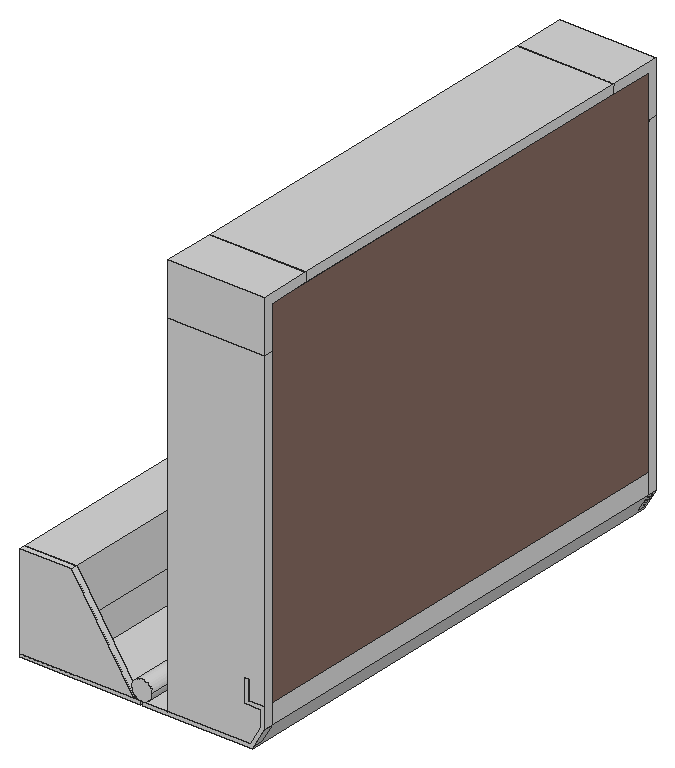
Revit family "MF_UNIVERSAL HINGED CORNER 2'_1904583", category Generic Models, Revit 2018
Family settings
  Can host rebar = No
  Round Connector Dimension = Use Diameter
  Part Type = Normal
  OmniClass Number = 35.51.14.00
  OmniClass Title = FORMWORK
  Work Plane-Based = Yes
  Always vertical = No
  Cut with Voids When Loaded = No
  Shared = Yes
  Room Calculation Point = No
Parameters
  VERSION = "20190101"  # constant formula
  URL = "www.ulmaconstruction.com/en"
  UNICLASS = ""
  ITEM_CODE = "1904583"
  Manufacturer = "ULMA CONSTRUCTION"  # constant formula
  FILTER [instance] = ""
  Default Elevation = 0.000 mm
  CLASSIFICATION_TITLE = ""
  CLASSIFICATION_NUMBER = ""
Reference planes
  plane 1 "Centro (Frontal/Posterior)": y = 0
  plane 2: z = 0
  plane 3 "Centro (Izquierda/Derecha)": x = 0
  plane 4: z = 508
  plane 5 "ITEM_HEIGHT": y = 609.6
Forms (mm)
  Extrusion 1, solid, material "ULMA ZINC", detail levels fine
    sketch origin (0, 0, 0) x (1, 0, 0) y (0, 0, 1)
      loop
        circle (-152.4, 16.5) r 12.5
    from 0 to -609.6
  Extrusion 2, solid, material "ULMA ZINC", detail levels fine
    sketch origin (0, 0, 0) x (1, 0, 0) y (0, 0, 1)
      loop
        line (-304.8, 4) -> (-304.8, 0) -> (-153.6, 0) -> (-153.6, 4) -> (-304.8, 4)
    from 0 to -609.6
  Extrusion 3, solid, material "ULMA ZINC", detail levels fine
    sketch origin (0, 0, 0) x (1, 0, 0) y (0, 0, 1)
      loop
        line (-304.8, 4) -> (-162.8, 4) -> (-239.8, 121) -> (-304.8, 121) -> (-304.8, 4)
    from 0 to -8
  Extrusion 4, solid, material "ULMA ZINC", detail levels fine
    sketch origin (0, 3140, 0) x (1, 0, 0) y (0, 0, 1)
      loop
        line (-304.8, 4) -> (-162.8, 4) -> (-239.8, 121) -> (-304.8, 121) -> (-304.8, 4)
    from 2538.4 to 2530.4
  Extrusion 5, solid, material "ULMA ZINC", detail levels fine
    sketch origin (0, 0, 0) x (1, 0, 0) y (0, 0, 1)
      loop
        line (-304.8, 121) -> (-304.8, 4) -> (-252.3, 4) -> (-252.3, 50.694) -> (-239.8, 56) -> (-239.8, 121) -> (-304.8, 121)
    from -601.6 to -8
  Extrusion 6, solid, material "ULMA ZINC", detail levels fine
    sketch origin (0, 0, 0) x (1, 0, 0) y (0, 0, 1)
      loop
        line (-239.8, 121) -> (-239.8, 4) -> (-177.8, 4) -> (-239.8, 121)
    from -334.8 to -274.8
  Extrusion 7, solid, material "ULMA ZINC", detail levels fine
    sketch origin (0, 0, 0) x (0, 1, 0) y (0, 0, 1)
      loop
        circle (381, 77.2) r 19
      loop
        circle (228.6, 77.2) r 19
    from -239.8 to -231.8
  Extrusion 8, solid, material "ULMA ZINC", detail levels fine
    sketch origin (0, 0, 0) x (1, 0, 0) y (0, 0, 1)
      loop
        line (-20.001, 496.8) -> (0, 496.8) -> (0, 508) -> (-120, 508) -> (-120, 443) -> (-58.973, 443)
        arc (-58.973, 443) -> (-55.66, 443.998) -> (-53.448, 446.658) r 6.001
        line (-53.448, 446.658) -> (-50.344, 453.975)
        arc (-50.344, 453.975) -> (-49.421, 455.085) -> (-48.039, 455.501) r 2.504
        line (-48.039, 455.501) -> (-32.501, 455.501)
        arc (-32.501, 455.501) -> (-30.733, 454.769) -> (-30.001, 453.001) r 2.5
        line (-30.001, 453.001) -> (-30.001, 446.501)
        arc (-30.001, 446.501) -> (-28.976, 444.026) -> (-26.501, 443.001) r 3.5
        line (-26.501, 443.001) -> (-20.001, 443) -> (-20.001, 496.8)
    from -544.6 to -65
  Extrusion 9, solid, material "ULMA ZINC", detail levels fine
    sketch origin (0, 0, 0) x (0, 1, 0) y (0, 0, 1)
      loop
        line (0, 508) -> (0, 443) -> (65, 443) -> (65, 508) -> (0, 508)
    from 0 to -120
  Extrusion 10, solid, material "ULMA ZINC", detail levels fine
    sketch origin (0, -2438.4, 0) x (0, 1, 0) y (0, 0, 1)
      loop
        line (3048, 508.001) -> (2983, 508.001) -> (2983, 443.001) -> (3048, 443.001) -> (3048, 508.001)
    from -120 to 0
  Extrusion 11, solid, material "ULMA ZINC", detail levels fine
    sketch origin (0, 0, 0) x (1, 0, 0) y (0, 1, 0)
      loop
        line (-20.001, 11.2) -> (-20.001, 65) -> (-26.501, 64.999)
        arc (-26.501, 64.999) -> (-28.976, 63.974) -> (-30.001, 61.499) r 3.5
        line (-30.001, 61.499) -> (-30.001, 54.999)
        arc (-30.001, 54.999) -> (-30.733, 53.231) -> (-32.501, 52.499) r 2.5
        line (-32.501, 52.499) -> (-48.039, 52.499)
        arc (-48.039, 52.499) -> (-49.421, 52.915) -> (-50.344, 54.025) r 2.504
        line (-50.344, 54.025) -> (-53.448, 61.342)
        arc (-53.448, 61.342) -> (-55.66, 64.002) -> (-58.973, 65) r 6.001
        line (-58.973, 65) -> (-120, 65) -> (-120, 0) -> (0, 0) -> (0, 11.2) -> (-20.001, 11.2)
    from 4 to 443
  Extrusion 12, solid, material "ULMA ZINC", detail levels fine
    sketch origin (0, -2438.4, 0) x (1, 0, 0) y (0, 1, 0)
      loop
        line (-20.001, 3036.8) -> (0, 3036.8) -> (0, 3048) -> (-120, 3048) -> (-120, 2983) -> (-58.973, 2983)
        arc (-58.973, 2983) -> (-55.66, 2983.998) -> (-53.448, 2986.658) r 6.001
        line (-53.448, 2986.658) -> (-50.344, 2993.975)
        arc (-50.344, 2993.975) -> (-49.421, 2995.085) -> (-48.039, 2995.501) r 2.504
        line (-48.039, 2995.501) -> (-32.501, 2995.501)
        arc (-32.501, 2995.501) -> (-30.733, 2994.769) -> (-30.001, 2993.001) r 2.5
        line (-30.001, 2993.001) -> (-30.001, 2986.501)
        arc (-30.001, 2986.501) -> (-28.976, 2984.026) -> (-26.501, 2983.001) r 3.5
        line (-26.501, 2983.001) -> (-20.001, 2983) -> (-20.001, 3036.8)
    from 4 to 443.001
  Extrusion 13, solid, material "ULMA ZINC", detail levels fine
    sketch origin (0, 0, 0) x (1, 0, 0) y (0, 0, 1)
      loop
        line (-24, 47.013) -> (-4, 47.013) -> (-4, 26.422) -> (-16.945, 4) -> (-151.2, 4) -> (-151.2, 0) -> (-14.636, 0) -> (0, 25.35) -> (0, 51.013) -> (-20.001, 51.013) -> (-20.001, 75.5) -> (-24, 75.5) -> (-24, 47.013)
    from 0 to -609.6
  Extrusion 14, void
    sketch origin (0, 0, 0) x (1, 0, 0) y (0, 0, 1)
      loop
        line (0, 25.35) -> (-14.636, 0) -> (-14.636, -2) -> (2, -2) -> (2, 25.35) -> (0, 25.35)
    from -1230 to 5
  Extrusion 15, void
    sketch origin (0, 0, 0) x (0, 1, 0) y (0, 0, 1)
      loop
        line (11.2, 443) -> (65, 443) -> (65, 496.8) -> (11.2, 496.8) -> (11.2, 443)
    from 0 to -20.001
  Extrusion 16, void
    sketch origin (0, -2438.4, 0) x (0, 1, 0) y (0, 0, 1)
      loop
        line (2983, 496.801) -> (2983, 443.001) -> (3036.8, 443.001) -> (3036.8, 496.801) -> (2983, 496.801)
    from 0 to -20.001
  Extrusion 17, solid, material "ULMA ZINC", detail levels fine
    sketch origin (0, 0, 0) x (1, 0, 0) y (0, 1, 0)
      loop
        line (-20.001, 351) -> (-20.001, 411) -> (-119.999, 411) -> (-119.999, 406) -> (-25, 406) -> (-25, 356) -> (-119.999, 356) -> (-119.999, 351) -> (-20.001, 351)
    from 4 to 443
  Extrusion 18, solid, material "ULMA ZINC", detail levels fine
    sketch origin (0, -152.4, 0) x (1, 0, 0) y (0, 1, 0)
      loop
        line (-20.001, 351) -> (-20.001, 411) -> (-119.999, 411) -> (-119.999, 406) -> (-25, 406) -> (-25, 356) -> (-119.999, 356) -> (-119.999, 351) -> (-20.001, 351)
    from 4 to 443
  Extrusion 19, solid, material "ULMA PLYWOOD", detail levels fine
    sketch origin (0, 0, 0) x (1, 0, 0) y (0, 0, 1)
      loop
        line (-20.001, 496.801) -> (-20.001, 51.013) -> (0, 51.013) -> (0, 496.801) -> (-20.001, 496.801)
    from -598.4 to -11.2
  Extrusion 20, solid, material "ULMA ZINC", detail levels fine
    sketch origin (0, 0, 0) x (1, 0, 0) y (0, 1, 0)
      loop
        circle (-77.199, 381) r 19
      loop
        circle (-77.199, 228.6) r 19
    from 435 to 443
  Extrusion 21, solid, material "ULMA ZINC", detail levels fine
    sketch origin (0, 0, 0) x (1, 0, 0) y (0, 0, 1)
      loop
        circle (-77.199, 254) r 19
    from -72.999 to -65
  Extrusion 22, solid, material "ULMA ZINC", detail levels fine
    sketch origin (0, -129.6, 0) x (1, 0, 0) y (0, 0, 1)
      loop
        circle (-77.199, 254) r 19
    from -666.2 to -674.2
  Extrusion 23, solid, material "ULMA ZINC", detail levels coarse+medium
    sketch origin (0, 0, 0) x (1, 0, 0) y (0, 0, 1)
      loop
        line (-304.8, 121) -> (-304.8, 0) -> (-14.636, 0) -> (0, 25.35) -> (0, 508) -> (-120, 508) -> (-120, 4) -> (-162.8, 4) -> (-239.8, 121) -> (-304.8, 121)
    from -609.6 to 0
Cuts and joins
  Extrusion 14 cuts Extrusion 11
  Extrusion 14 cuts Extrusion 12
  Extrusion 15 cuts Extrusion 9
  Extrusion 16 cuts Extrusion 10
Lines and regions (mm)
  model lines, style "ULMA PANELS", detail levels fine
    curve 1: circle (-231.8, 381, 77.2) r 11 normal (1, 0, 0)
    curve 2: circle (-231.8, 228.6, 77.2) r 11 normal (1, 0, 0)
    curve 3: circle (-304.8, 381, 77.2) r 11 normal (1, 0, 0)
    curve 4: circle (-304.8, 228.6, 77.2) r 11 normal (1, 0, 0)
    curve 5: circle (0, 381, 381) r 10.5 normal (1, 0, 0)
    curve 6: circle (0, 381, 330.2) r 10.5 normal (1, 0, 0)
    curve 7: circle (0, 381, 279.4) r 10.5 normal (1, 0, 0)
    curve 8: circle (0, 381, 228.6) r 10.5 normal (1, 0, 0)
    curve 9: circle (0, 381, 177.8) r 10.5 normal (1, 0, 0)
    curve 10: circle (0, 381, 127) r 10.5 normal (1, 0, 0)
    curve 11: circle (-25, 381, 381) r 10.5 normal (1, 0, 0)
    curve 12: circle (-25, 381, 330.2) r 10.5 normal (1, 0, 0)
    curve 13: circle (-25, 381, 279.4) r 10.5 normal (1, 0, 0)
    curve 14: circle (-25, 381, 228.6) r 10.5 normal (1, 0, 0)
    curve 15: circle (-25, 381, 177.8) r 10.5 normal (1, 0, 0)
    curve 16: circle (-25, 381, 127) r 10.5 normal (1, 0, 0)
    curve 17: circle (0, 228.6, 381) r 10.5 normal (1, 0, 0)
    curve 18: circle (0, 228.6, 330.2) r 10.5 normal (1, 0, 0)
    curve 19: circle (0, 228.6, 279.4) r 10.5 normal (1, 0, 0)
    curve 20: circle (0, 228.6, 228.6) r 10.5 normal (1, 0, 0)
    curve 21: circle (0, 228.6, 177.8) r 10.5 normal (1, 0, 0)
    curve 22: circle (0, 228.6, 127) r 10.5 normal (1, 0, 0)
    curve 23: circle (-25, 228.6, 381) r 10.5 normal (1, 0, 0)
    curve 24: circle (-25, 228.6, 330.2) r 10.5 normal (1, 0, 0)
    curve 25: circle (-25, 228.6, 279.4) r 10.5 normal (1, 0, 0)
    curve 26: circle (-25, 228.6, 228.6) r 10.5 normal (1, 0, 0)
    curve 27: circle (-25, 228.6, 177.8) r 10.5 normal (1, 0, 0)
    curve 28: circle (-25, 228.6, 127) r 10.5 normal (1, 0, 0)
    curve 29: circle (-77.199, 228.6, 435) r 11 normal (0, 0, 1)
    curve 30: circle (-77.199, 381, 435) r 11 normal (0, 0, 1)
    curve 31: circle (-77.199, 228.6, 508) r 11 normal (0, 0, 1)
    curve 32: circle (-77.199, 381, 508) r 11 normal (0, 0, 1)
    curve 33: circle (-77.199, 0, 254) r 11 normal (0, -1, 0)
    curve 34: circle (-77.199, 72.999, 254) r 11 normal (0, -1, 0)
    curve 35: circle (-77.199, 609.6, 254) r 11 normal (0, -1, 0)
    curve 36: circle (-77.199, 536.6, 254) r 11 normal (0, -1, 0)
    curve 37: circle (0, 40.5, 467.5) r 21 normal (1, 0, 0)
    curve 38: circle (0, 569.1, 467.5) r 21 normal (1, 0, 0)
    curve 39: circle (-120, 40.5, 467.5) r 21 normal (1, 0, 0)
    curve 40: circle (-120, 569.1, 467.5) r 21 normal (1, 0, 0)
    curve 41: circle (-272.3, 40.5, 0) r 21 normal (0, 0, 1)
    curve 42: circle (-272.3, 568.6, 0) r 21 normal (0, 0, 1)
    curve 43: circle (-272.3, 40.5, 121) r 21 normal (0, 0, 1)
    curve 44: circle (-272.3, 568.6, 121) r 21 normal (0, 0, 1)
Dimensions and locks
  aligned and locked: level to plane 2
  aligned and locked: Extrusion 8 to Extrusion 9
  aligned and locked: Extrusion 8 to Extrusion 10
  aligned and locked: Extrusion 12 to Extrusion 10
  aligned and locked: cut or joined group of Extrusion 11, Extrusion 14 to Extrusion 13
  aligned and locked: Extrusion 17 to Extrusion 2
  aligned and locked: Extrusion 17 to Extrusion 8
  aligned and locked: Extrusion 18 to Extrusion 8
  aligned and locked: Extrusion 18 to Extrusion 2
  aligned and locked: Extrusion 19 to cut or joined group of Extrusion 11, Extrusion 14
  aligned and locked: Extrusion 19 to cut or joined group of Extrusion 12, Extrusion 14
  aligned and locked: plane 1 "Centro (Frontal/Posterior)" to Extrusion 23
